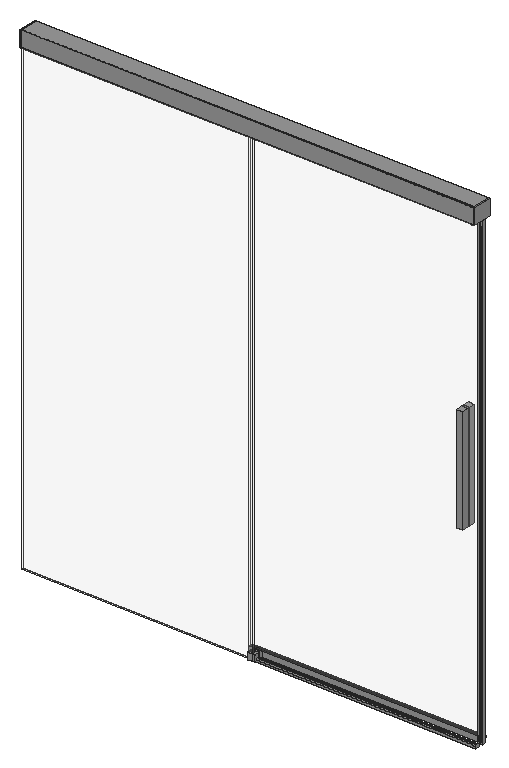
Revit family "Sanitary_Shower-screens_Duscholux_D5Custom20_Slider-door-bath", category Aparatos sanitarios, Revit 2019
Family settings
  Cota de conector redondo = Diámetro de uso
  Tipo de pieza = Normal
  Número OmniClass = 23.45.00.00
  Título OmniClass = Sanitary, Laundry, and Cleaning Equipment
  Se basa en plano de trabajo = No
  Siempre vertical = Sí
  Corte con vacíos al cargar = No
  Compartido = No
  Punto de cálculo de habitación = No
Parameters (values of type "Black Aluminium Finish")
  Uper profile guide = Anodized Aluminium_Duscholux Material-Black Finish
  URL = "http://www.duscholux.es/"
  Thickness Safety Glass Sliding = 8 mm  # constant formula
  Technical Inspection Certificate (Applus) = "http://www.duscholux.es/resources/custom/var/APPLUS_en.pdf"
  Series = "D5"
  Ref. = "UPI / UPD"
  Products = "http://www.duscholux.es/mamparas_filtro.aspx?es"
  Optional = "Towel rail / Shelf / Customizable Uper profile guide"
  Opening System Image = "https://duscholux.es/resources/custom/img/mamparas/plumas/1F1PFBC.gif"
  Opening System = "Sliding"
  Opening Percentage = 0
  Modelo = "D5 Custom20"
  Maintenance and Cleaning = "http://www.duscholux.es/mamparas_limpieza.aspx?en"
  Image = "https://duscholux.es/resources/custom/img/mamparas/D5%20CUSTOM20/modelos/1F1PFBC/mampara_h.jpg"
  Handle Material = Anodized Aluminium_Duscholux Material-Black Finish
  Glass in Building UNE EN 12150 = "CE Conformity marking"
  Glass Material = Glass_Material-Duscholux
  Frame Material = Anodized Aluminium_Duscholux Material-Black Finish
  Fact Sheet = "https://duscholux.blob.core.windows.net/pdf2022/en/Custom1F1PFB.pdf"
  Fabricante = "Duscholux Ibérica, S.A."
  Thickness Safety Glass Fixed Panel = 8 mm  # constant formula
  Environmental Management ISO 14001 = "ECOEMBES Certificate"
  Descripción = "Front 1 fixed + 1 sliding door shower"
  Configuration enclosure = "http://configuratumampara.duscholux.es/eCatalogo.aspx"
  Components = "Eropean components"
  Combinations = "Lateral 90°"
  Código de montaje = "C1030200"
  Certified Quality UNE EN 14428 = "http://www.duscholux.es/duscholux_downloads.aspx?es"
  Opening Door = (((Min Max Width / 2) - 108 mm) * Opening Percentage / 100) + 5.5 mm  # 5.5 mm
  Sliding Door Width = (Min Max Width / 2) - 7.7 mm + 14 mm  # 756.3 mm
  Min Max Width = if(Width < 1160 mm, 1160 mm, if(Width > 2000 mm, 2000 mm, Width))  # 1500 mm
  Width = 1500 mm
  Handle Height = (Max Height / 2) + Bath Height  # 1250 mm
  Max Height = if(Height > 1800 mm, 1800 mm, Height)  # 1600 mm
  Height = 1600 mm
  Bath Height = 450 mm
  Accesories Material = Anodized Aluminium_Duscholux Material-Black Finish
Types (4, lengths in mm): name | Uper profile guide | Handle Material | Frame Material | Descripción | Accesories Material
  (no name) | Anodized Aluminium_Duscholux Material-Black Finish | Anodized Aluminium_Duscholux Material-Black Finish | Anodized Aluminium_Duscholux Material-Black Finish | "Front 1 fixed + 1 sliding door shower" | Anodized Aluminium_Duscholux Material-Black Finish
  Matte Silver Aluminium Finish | Anodized Aluminium_Duscholux Material-Matte Silver Finish | Zamac_Duscholux Material-Chrome Finish | Anodized Aluminium_Duscholux Material-Matte Silver Finish | "Front 1 fixed + 1 sliding door shower." | Anodized Aluminium_Duscholux Material-Platinum Finish
  Platinum Aluminium Finish | Anodized Aluminium_Duscholux Material-Platinum Finish | Zamac_Duscholux Material-Chrome Finish | Anodized Aluminium_Duscholux Material-Platinum Finish | "Front 1 fixed + 1 sliding door shower." | Anodized Aluminium_Duscholux Material-Platinum Finish
  Black Aluminium Finish | Anodized Aluminium_Duscholux Material-Black Finish | Anodized Aluminium_Duscholux Material-Black Finish | Anodized Aluminium_Duscholux Material-Black Finish | "Front 1 fixed + 1 sliding door shower" | Anodized Aluminium_Duscholux Material-Black Finish
Reference planes
  plane 1 "Centro (Frontal/Posterior)": y = 0
  plane 2: z = 0
  plane 3 "Centro (Izquierda/Derecha)": x = -5.5
  plane 4: x = 755.5
  plane 5: z = 2050
  plane 6: x = 1491.5
  plane 7: x = -8.5
  plane 8: x = 18
  plane 9: z = 1250
  plane 10: x = 1488.5
  plane 11: x = 741.5
  plane 12: x = 727.25
  plane 13: y = 26.104
  plane 14: x = 1483.5
  plane 15: z = 0
  plane 16: x = 764.5
  plane 17: z = 1998
  plane 18: z = 2003.154
  plane 19: z = 450
  plane 20: z = 473
Forms (mm)
  Extrusion 1, solid, material "Glass_Material-Duscholux" <- "Glass Material"
    sketch origin (500, 0, 0) x (1, 0, 0) y (0, 1, 0)
      loop
        line (-508.5, 4) -> (-508.5, -4) -> (255.5, -4) -> (255.5, 4) -> (-508.5, 4)
    from 450 to 2003.154
  Extrusion 2, solid, material "Glass_Material-Duscholux" <- "Glass Material"
    sketch origin (-224.786, -5.278, 0) x (1, 0, 0) y (0, 1, 0)
      loop
        line (946.486, 35.382) -> (946.486, 27.382) -> (1702.786, 27.382) -> (1702.786, 35.382) -> (946.486, 35.382)
    from 453.247 to 1998
  Extrusion 3, solid, material "Anodized Aluminium_Duscholux Material-Black Finish" <- "Accesories Material", detail levels fine
    sketch origin (-5.5, -2.57, 593.975) x (0, 1, 0) y (0, 0, 1)
      loop
        line (-2.433, -136.396) -> (-2.433, -143.975) -> (7.636, -143.975) -> (7.636, -136.401)
        arc (7.636, -136.401) -> (6.912, -134.655) -> (5.166, -133.931) r 2.47
        line (5.166, -133.931) -> (0.032, -133.931)
        arc (0.032, -133.931) -> (-1.711, -134.653) -> (-2.433, -136.396) r 2.465
    from 770 to 1497
  Extrusion 4, solid, material "Anodized Aluminium_Duscholux Material-Black Finish" <- "Uper profile guide"
    sketch origin (-5.5, 0, 0) x (0, 1, 0) y (0, 0, 1)
      loop
        line (-9.997, 2049) -> (-9.997, 1999.124) -> (-7.5, 1999.124) -> (-7.5, 2049) -> (-9.997, 2049)
    from 0 to 1494
  Extrusion 5, solid, material "Anodized Aluminium_Duscholux Material-Black Finish" <- "Accesories Material"
    sketch origin (0, 0, 0) x (1, 0, 0) y (0, 1, 0)
      loop
        line (1491.5, 30.913) -> (1484.329, 30.405)
        arc (1484.329, 30.405) -> (1483.739, 30.119) -> (1483.5, 29.508) r 0.9
        line (1483.5, 29.508) -> (1483.5, 22.787)
        arc (1483.5, 22.787) -> (1483.739, 22.176) -> (1484.329, 21.89) r 0.9
        line (1484.329, 21.89) -> (1491.5, 21.382) -> (1491.5, 30.913)
    from 450 to 1998
  Extrusion 6, solid, material "Anodized Aluminium_Duscholux Material-Black Finish" <- "Frame Material"
    sketch origin (-5.5, 0, 0) x (0, 1, 0) y (0, 0, 1)
      loop
        line (-9.993, 2050) -> (-9.993, 2049) -> (-7.5, 2049) -> (-7.5, 1999.124) -> (-9.993, 1999.124) -> (-9.993, 1998) -> (-5.497, 1998) -> (-5.497, 2003.154) -> (5.503, 2003.154) -> (5.503, 1998) -> (21.382, 1998) -> (21.382, 2001.5) -> (7.803, 2001.5) -> (7.803, 2039.372) -> (42.403, 2039.372) -> (42.403, 2001.5) -> (33.536, 2001.5) -> (30.913, 2001.5) -> (30.913, 1998) -> (51.003, 1998) -> (51.003, 2050) -> (-9.993, 2050)
    from 0 to 1494
  Extrusion 7, solid, material "Anodized Aluminium_Duscholux Material-Black Finish" <- "Accesories Material"
    sketch origin (-5.5, 0, 0) x (0, 1, 0) y (0, 0, 1)
      loop
        line (51.003, 2050) -> (-9.993, 2050) -> (-9.993, 1998) -> (51.003, 1998) -> (51.003, 2050)
    from 1494 to 1497
  Extrusion 8, solid, material "Anodized Aluminium_Duscholux Material-Black Finish" <- "Accesories Material"
    sketch origin (-5.5, 0, 0) x (0, 1, 0) y (0, 0, 1)
      loop
        line (51.003, 2050) -> (-9.993, 2050) -> (-9.993, 1998) -> (-5.497, 1998) -> (-5.497, 2003.154) -> (5.503, 2003.154) -> (5.503, 1998) -> (51.003, 1998) -> (51.003, 2050)
    from -3 to 0
  Extrusion 9, solid, material "Anodized Aluminium_Duscholux Material-Black Finish" <- "Accesories Material"
    sketch origin (0, 0, 0) x (1, 0, 0) y (0, 1, 0)
      loop
        line (741.5, 6.547) -> (741.5, 4.098) -> (755.5, 4.098) -> (755.5, -4.002) -> (741.5, -4.002) -> (741.5, -6.452)
        arc (741.5, -6.452) -> (741.646, -6.806) -> (742, -6.952) r 0.5
        line (742, -6.952) -> (764, -6.952)
        arc (764, -6.952) -> (764.353, -6.806) -> (764.5, -6.452) r 0.5
        line (764.5, -6.452) -> (764.5, 6.548)
        arc (764.5, 6.548) -> (764.354, 6.901) -> (764, 7.047) r 0.5
        line (764, 7.047) -> (742, 7.047)
        arc (742, 7.047) -> (741.646, 6.901) -> (741.5, 6.547) r 0.5
    from 450 to 473
  Extrusion 10, solid, material "Anodized Aluminium_Duscholux Material-Black Finish" <- "Accesories Material"
    sketch origin (50, 0, 0) x (1, 0, 0) y (0, 1, 0)
      loop
        line (692.5, 8.348) -> (692.5, 7.047) -> (713.5, 7.047) -> (713.5, 8.348) -> (692.5, 8.348)
    from 450 to 468.641
  Extrusion 11, solid, material "Anodized Aluminium_Duscholux Material-Black Finish" <- "Accesories Material"
    sketch origin (147.305, 0, 0) x (1, 0, 0) y (0, 1, 0)
      loop
        line (1328.243, 30.104) -> (1330.695, 30.104) -> (1330.695, 22.104) -> (1328.243, 22.104) -> (1328.243, 21.295) -> (1335.417, 21.89)
        arc (1335.417, 21.89) -> (1336.005, 22.178) -> (1336.243, 22.787) r 0.9
        line (1336.243, 22.787) -> (1336.243, 29.508)
        arc (1336.243, 29.508) -> (1336.004, 30.119) -> (1335.413, 30.405) r 0.9
        line (1335.413, 30.405) -> (1328.243, 30.913) -> (1328.243, 30.104)
    from 450 to 1998
  Extrusion 12, solid, material "Anodized Aluminium_Duscholux Material-Black Finish" <- "Accesories Material"
    sketch origin (-5.5, 0, 0) x (0, 1, 0) y (0, 0, 1)
      loop
        arc (20.53, 467.613) -> (19.805, 468.338) -> (19.08, 467.613) r 0.725
        line (19.08, 467.613) -> (19.08, 452.081)
        arc (19.08, 452.081) -> (18.234, 450.59) -> (16.624, 450) r 2.49
        line (16.624, 450) -> (31.156, 450) -> (31.156, 451.937) -> (21.141, 451.937) -> (20.53, 453.247) -> (20.53, 467.613)
    from 748 to 769
  Extrusion 13, solid, material "Plástico, transparente", detail levels fine
    sketch origin (-5.5, 0, 0) x (0, 1, 0) y (0, 0, 1)
      loop
        line (53.604, 457.939) -> (30.613, 469.957)
        arc (30.613, 469.957) -> (30.042, 469.902) -> (29.86, 469.358) r 0.526
        line (29.86, 469.358) -> (30.104, 468.42) -> (30.104, 453.247) -> (22.104, 453.247) -> (22.104, 469.859) -> (21.222, 469.757) -> (21.222, 451.937) -> (31.156, 451.937) -> (31.156, 465.691)
        arc (31.156, 465.691) -> (31.449, 466.325) -> (32.121, 466.515) r 0.834
        line (32.121, 466.515) -> (52.104, 456.92) -> (52.104, 451.207)
        arc (52.104, 451.207) -> (52.809, 450.774) -> (53.604, 451.006) r 1.02
        line (53.604, 451.006) -> (53.604, 457.939)
    from 727.2 to 1483.5
  Extrusion 14, solid, material "Anodized Aluminium_Duscholux Material-Black Finish" <- "Accesories Material"
    sketch origin (-5.5, 0, 0) x (0, 1, 0) y (0, 0, 1)
      loop
        arc (16.624, 450) -> (18.234, 450.59) -> (19.08, 452.081) r 2.49
        line (19.08, 452.081) -> (19.08, 469.894)
        arc (19.08, 469.894) -> (18.234, 471.385) -> (16.624, 471.975) r 2.49
        line (16.624, 471.975) -> (8.348, 471.975) -> (8.348, 450) -> (16.624, 450)
    from 747 to 770
Cuts and joins
  joined: Extrusion 9, Extrusion 10
Lines and regions (mm)
  reference lines
    curve 1: line (-5.5, -2.4, 593.975) -> (-5.5, -2.4, 603.975)
Dimensions and locks
  "Width": plane 7 to plane 6
  locked: plane 7 to plane 3 "Centro (Izquierda/Derecha)" at 3
  "Handle Height": plane 9 to level
  level to Extrusion 3 = 460.043 mm
  locked: plane 10 to plane 6 at 3
  equal spacing: plane 7, plane 11, plane 6
  locked: plane 11 to plane 4 at 14
  locked: plane 12 to plane 11 at 14.25
  locked: plane 14 to plane 10 at 5
  locked: nested 2 to Extrusion 2 at 45
  Extrusion 9 to Extrusion 2 = 19.753 mm
  locked: plane 11 to plane 16 at 23
  "Sliding Door Width": Extrusion 2 to Extrusion 2
  "Opening Door": Extrusion 2 to plane 14
  locked: plane 5 to plane 17 at 52
  locked: plane 5 to plane 18 at 46.846
  locked: plane 20 to plane 19 at 23
  locked: plane 20 to cut or joined group of Extrusion 9, Extrusion 10 at 4.359
  locked: Extrusion 12 to plane 16 at 1
  locked: plane 11 to Extrusion 12 at 1
  locked: plane 19 to Extrusion 2 at 3.247
  "Bath Height": plane 19 to level
  locked: Extrusion 14 to Extrusion 14 at 21.975
  "Max Height": plane 5 to plane 19
  aligned and locked: level to plane 2
  aligned and locked: Extrusion 4 to plane 3 "Centro (Izquierda/Derecha)"
  aligned and locked: plane 10 to Extrusion 4
  aligned and locked: plane 10 to Extrusion 6
  aligned and locked: Extrusion 4 to Extrusion 6
  aligned and locked: plane 6 to Extrusion 7
  aligned and locked: Extrusion 7 to plane 10
  aligned and locked: plane 9 to nested 2
  aligned and locked: plane 9 to nested 1
  aligned and locked: Extrusion 8 to plane 7
  aligned and locked: plane 3 "Centro (Izquierda/Derecha)" to Extrusion 8
  aligned and locked: Extrusion 3 to plane 16
  aligned and locked: Extrusion 5 to Extrusion 6
  aligned and locked: Extrusion 6 to plane 17
  aligned and locked: plane 18 to Extrusion 1
  aligned and locked: plane 17 to Extrusion 2
  aligned and locked: plane 6 to Extrusion 3
  aligned and locked: Extrusion 11 to Extrusion 2
  aligned and locked: Extrusion 11 to Extrusion 6
  aligned and locked: Extrusion 9 to plane 19
  aligned and locked: Extrusion 1 to plane 19
  aligned and locked: plane 20 to cut or joined group of Extrusion 9, Extrusion 10
  aligned and locked: Extrusion 3 to plane 19
  aligned and locked: Extrusion 2 to Extrusion 13
  aligned and locked: Extrusion 13 to Extrusion 2
  aligned and locked: cut or joined group of Extrusion 9, Extrusion 10 to plane 19
  aligned and locked: Extrusion 14 to plane 19
  aligned and locked: Extrusion 14 to plane 11
  aligned and locked: plane 16 to Extrusion 14
  aligned and locked: Extrusion 11 to plane 19
  aligned and locked: Extrusion 5 to plane 19
  aligned and locked: Extrusion 13 to Extrusion 11
Automatic sketch dimensions
  Extrusion 1 sketch curve to plane 7 = 0 mm
  Extrusion 1 sketch curve to plane 4 = 0 mm
  plane 1 "Centro (Frontal/Posterior)" to Extrusion 1 sketch curve = 4 mm
  Extrusion 1 sketch curve to plane 1 "Centro (Frontal/Posterior)" = 4 mm
  Extrusion 2 sketch curve to plane 13 = 4 mm
  Extrusion 2 sketch curve to plane 12 = 5.55 mm
  Extrusion 2 sketch curve to plane 14 = 5.5 mm
  plane 13 to Extrusion 2 sketch curve = 4 mm
  level to curve 1 = 593.975 mm
  plane 1 "Centro (Frontal/Posterior)" to curve 1 = 2.4 mm
  curve 1 to curve 1 = 10 mm
  level to Extrusion 3 sketch curve = 450 mm
  plane 1 "Centro (Frontal/Posterior)" to Extrusion 3 sketch curve = 5.003 mm
  Extrusion 3 sketch curve to Extrusion 3 sketch curve = 2.465 mm
  Extrusion 3 sketch curve to plane 1 "Centro (Frontal/Posterior)" = 2.596 mm
  Extrusion 3 sketch curve to plane 1 "Centro (Frontal/Posterior)" = 5.066 mm
  Extrusion 3 sketch curve to Extrusion 3 sketch curve = 7.574 mm
  plane 17 to Extrusion 4 sketch curve = 1.124 mm
  plane 1 "Centro (Frontal/Posterior)" to Extrusion 4 sketch curve = 9.997 mm
  Extrusion 4 sketch curve to Extrusion 4 sketch curve = 2.497 mm
  Extrusion 4 sketch curve to plane 5 = 1 mm
  Extrusion 5 sketch curve to plane 14 = 0 mm
  Extrusion 5 sketch curve to plane 6 = 0 mm
  plane 14 to Extrusion 5 sketch curve = 0.829 mm  (x2)
  Extrusion 5 sketch curve to Extrusion 5 sketch curve = 0.9 mm
  Extrusion 5 sketch curve to Extrusion 5 sketch curve = 0.071 mm
  Extrusion 5 sketch curve to plane 13 = 4.721 mm
  Extrusion 5 sketch curve to plane 13 = 4.214 mm
  plane 13 to Extrusion 5 sketch curve = 3.404 mm
  plane 13 to Extrusion 5 sketch curve = 4.809 mm
  Extrusion 6 sketch curve to plane 5 = 0 mm
  Extrusion 6 sketch curve to plane 17 = 0 mm  (x3)
  Extrusion 6 sketch curve to plane 18 = 0 mm
  plane 1 "Centro (Frontal/Posterior)" to Extrusion 6 sketch curve = 9.993 mm  (x2)
  plane 17 to Extrusion 6 sketch curve = 1.124 mm
  Extrusion 6 sketch curve to plane 5 = 1 mm
  Extrusion 6 sketch curve to Extrusion 6 sketch curve = 2.493 mm
  Extrusion 6 sketch curve to Extrusion 6 sketch curve = 2.003 mm
  Extrusion 6 sketch curve to plane 1 "Centro (Frontal/Posterior)" = 5.503 mm
  Extrusion 6 sketch curve to plane 1 "Centro (Frontal/Posterior)" = 7.803 mm
  Extrusion 6 sketch curve to plane 13 = 4.721 mm
  Extrusion 6 sketch curve to plane 18 = 1.654 mm  (x2)
  plane 13 to Extrusion 6 sketch curve = 4.809 mm
  Extrusion 6 sketch curve to Extrusion 6 sketch curve = 2.623 mm
  plane 13 to Extrusion 6 sketch curve = 16.3 mm
  Extrusion 6 sketch curve to Extrusion 6 sketch curve = 8.6 mm
  Extrusion 6 sketch curve to plane 5 = 10.628 mm
  Extrusion 7 sketch curve to plane 5 = 0 mm
  Extrusion 7 sketch curve to plane 17 = 0 mm
  plane 1 "Centro (Frontal/Posterior)" to Extrusion 7 sketch curve = 9.993 mm
  plane 13 to Extrusion 7 sketch curve = 24.9 mm
  Extrusion 8 sketch curve to plane 5 = 0 mm
  Extrusion 8 sketch curve to plane 17 = 0 mm  (x2)
  Extrusion 8 sketch curve to plane 18 = 0 mm
  plane 1 "Centro (Frontal/Posterior)" to Extrusion 8 sketch curve = 9.993 mm
  plane 1 "Centro (Frontal/Posterior)" to Extrusion 8 sketch curve = 5.497 mm
  Extrusion 8 sketch curve to plane 1 "Centro (Frontal/Posterior)" = 5.503 mm
  plane 13 to Extrusion 8 sketch curve = 24.9 mm
  Extrusion 9 sketch curve to plane 4 = 0 mm
  Extrusion 9 sketch curve to plane 16 = 0 mm
  plane 11 to Extrusion 9 sketch curve = 0.5 mm  (x2)
  plane 11 to Extrusion 9 sketch curve = 0 mm
  Extrusion 9 sketch curve to plane 11 = 0 mm
  Extrusion 9 sketch curve to plane 16 = 0.5 mm  (x2)
  plane 1 "Centro (Frontal/Posterior)" to Extrusion 9 sketch curve = 6.952 mm
  Extrusion 9 sketch curve to Extrusion 9 sketch curve = 2.45 mm
  Extrusion 9 sketch curve to plane 1 "Centro (Frontal/Posterior)" = 4.098 mm
  Extrusion 9 sketch curve to Extrusion 9 sketch curve = 2.449 mm
  plane 11 to Extrusion 10 sketch curve = 1 mm
  Extrusion 10 sketch curve to plane 16 = 1 mm
  Extrusion 10 sketch curve to plane 1 "Centro (Frontal/Posterior)" = 7.047 mm
  Extrusion 10 sketch curve to Extrusion 10 sketch curve = 1.3 mm
  plane 13 to Extrusion 11 sketch curve = 4 mm
  Extrusion 11 sketch curve to plane 14 = 7.952 mm
  Extrusion 11 sketch curve to Extrusion 11 sketch curve = 0 mm
  Extrusion 11 sketch curve to Extrusion 11 sketch curve = 2.452 mm
  Extrusion 11 sketch curve to Extrusion 11 sketch curve = 4.648 mm  (x2)
  plane 13 to Extrusion 11 sketch curve = 4.302 mm
  Extrusion 11 sketch curve to Extrusion 11 sketch curve = 0.071 mm
  Extrusion 11 sketch curve to plane 13 = 4.213 mm
  Extrusion 11 sketch curve to Extrusion 11 sketch curve = 0.074 mm
  Extrusion 11 sketch curve to Extrusion 11 sketch curve = 0.9 mm
  Extrusion 11 sketch curve to plane 13 = 4.809 mm
  Extrusion 11 sketch curve to Extrusion 11 sketch curve = 0.809 mm  (x2)
  Extrusion 12 sketch curve to plane 19 = 0 mm
  plane 19 to Extrusion 12 sketch curve = 2.49 mm
  Extrusion 12 sketch curve to plane 13 = 9.479 mm
  plane 19 to Extrusion 12 sketch curve = 2.081 mm
  Extrusion 12 sketch curve to Extrusion 12 sketch curve = 0.725 mm
  plane 19 to Extrusion 12 sketch curve = 1.937 mm
  Extrusion 12 sketch curve to Extrusion 12 sketch curve = 0.611 mm
  plane 13 to Extrusion 12 sketch curve = 5.053 mm
  Extrusion 12 sketch curve to Extrusion 12 sketch curve = 1.31 mm
  Extrusion 12 sketch curve to plane 20 = 5.387 mm
  Extrusion 13 sketch curve to Extrusion 13 sketch curve = 0.882 mm
  Extrusion 13 sketch curve to Extrusion 13 sketch curve = 1.053 mm
  Extrusion 13 sketch curve to Extrusion 13 sketch curve = 0.266 mm
  plane 19 to Extrusion 13 sketch curve = 1.937 mm
  Extrusion 13 sketch curve to Extrusion 13 sketch curve = 1.31 mm
  Extrusion 13 sketch curve to Extrusion 13 sketch curve = 0.466 mm
  Extrusion 13 sketch curve to Extrusion 13 sketch curve = 0.509 mm
  Extrusion 13 sketch curve to Extrusion 13 sketch curve = 0.938 mm
  Extrusion 13 sketch curve to plane 13 = 4.882 mm
  plane 13 to Extrusion 13 sketch curve = 3.756 mm
  Extrusion 13 sketch curve to plane 20 = 3.043 mm
  Extrusion 13 sketch curve to Extrusion 13 sketch curve = 0.244 mm
  Extrusion 13 sketch curve to Extrusion 13 sketch curve = 0.834 mm
  Extrusion 13 sketch curve to Extrusion 13 sketch curve = 0.131 mm
  plane 19 to Extrusion 13 sketch curve = 6.92 mm
  Extrusion 13 sketch curve to Extrusion 13 sketch curve = 20.947 mm
  Extrusion 13 sketch curve to Extrusion 13 sketch curve = 0.841 mm
  Extrusion 13 sketch curve to Extrusion 13 sketch curve = 1.5 mm
  plane 19 to Extrusion 13 sketch curve = 1.785 mm
  Extrusion 13 sketch curve to Extrusion 13 sketch curve = 0.578 mm
  Extrusion 13 sketch curve to Extrusion 13 sketch curve = 1.019 mm
  Extrusion 13 sketch curve to Extrusion 13 sketch curve = 2.73 mm
  Extrusion 13 sketch curve to plane 20 = 3.243 mm
  Extrusion 13 sketch curve to Extrusion 13 sketch curve = 0.103 mm
  Extrusion 14 sketch curve to plane 19 = 0 mm
  Extrusion 14 sketch curve to plane 1 "Centro (Frontal/Posterior)" = 8.348 mm
  plane 19 to Extrusion 14 sketch curve = 2.49 mm
  Extrusion 14 sketch curve to Extrusion 14 sketch curve = 8.277 mm
  Extrusion 14 sketch curve to plane 20 = 3.515 mm
  plane 19 to Extrusion 14 sketch curve = 2.081 mm
  Extrusion 14 sketch curve to Extrusion 14 sketch curve = 0.409 mm
  Extrusion 14 sketch curve to plane 20 = 1.025 mm
Nested families
  nested 1: "Handle-ext-D5" at (1433, 22.104, 1250) x (-1, 0, 0) z (0, -1, 0), type "Handle-ext-D5", detail levels medium+fine
  nested 2: "Handle-int-D5" at (1433, 30.104, 1250) x (1, 0, 0) z (0, 1, 0), type "Handle-int-D5", detail levels medium+fine
Definition of nested family "Handle-ext-D5"
  Parameters (values of type "Handle-ext-D5")
    Long. tirador = 350 mm
    Handle Material = none
    Espesor = 19 mm
    Default Elevation = 1219.2 mm
  Reference planes
    plane 1 "Centro (Frontal/Posterior)": y = 0
    plane 2: z = 0
    plane 3 "Centro (Izquierda/Derecha)": x = 0
    plane 4: y = 175
    plane 5: y = -175
    plane 6: x = -9.5
    plane 7: x = 9.5
    plane 8: z = 0
    plane 9: z = 21
  Forms (mm)
    Extrusion 1, solid
      sketch origin (0, 0, 0) x (1, 0, 0) y (0, 1, 0)
        loop
          line (-1219.2, 1219.2) -> (-1219.2, -1219.2) -> (1219.2, -1219.2) -> (1219.2, 1219.2) -> (-1219.2, 1219.2)
      from 0 to -304.8
    Extrusion 2, solid, material <- "Handle Material"
      sketch origin (0, 0, 0) x (1, 0, 0) y (0, 0, 1)
        loop
          line (-9.5, 21) -> (-9.5, 0) -> (9.5, 0) -> (9.5, 21) -> (-9.5, 21)
      from -175 to 175
  Dimensions and locks
    equal spacing: plane 4, plane 1 "Centro (Frontal/Posterior)", plane 5
    equal spacing: plane 6, plane 3 "Centro (Izquierda/Derecha)", plane 7
    "Espesor": plane 6 to plane 7
    "Long. tirador": plane 4 to plane 5
    locked: plane 9 to Extrusion 1 at 21
    aligned and locked: plane 2 to Extrusion 1
    aligned and locked: level to Extrusion 1
    aligned and locked: plane 9 to Extrusion 2
    aligned and locked: plane 7 to Extrusion 2
    aligned and locked: Extrusion 2 to plane 6
    aligned and locked: Extrusion 2 to Extrusion 1
    aligned and locked: plane 4 to Extrusion 2
    aligned and locked: Extrusion 2 to plane 5
  Automatic sketch dimensions
    Extrusion 1 sketch curve to Extrusion 1 sketch curve = 2438.4 mm  (x2)
    Extrusion 2 sketch curve to plane 6 = 0 mm
    Extrusion 2 sketch curve to level = 0 mm
    Extrusion 2 sketch curve to plane 7 = 0 mm
    Extrusion 2 sketch curve to plane 9 = 0 mm
Definition of nested family "Handle-int-D5"
  Parameters (values of type "Handle-int-D5")
    Long. tirador = 350 mm
    Handle Material = none
    Espesor = 19 mm
    Default Elevation = 1219.2 mm
  Reference planes
    plane 1 "Centro (Frontal/Posterior)": y = 0
    plane 2: z = 0
    plane 3 "Centro (Izquierda/Derecha)": x = 0
    plane 4: y = 175
    plane 5: y = -175
    plane 6: x = -9.5
    plane 7: x = 9.5
    plane 8: z = 0
    plane 9: z = 19
  Forms (mm)
    Extrusion 1, solid
      sketch origin (0, 0, 0) x (1, 0, 0) y (0, 1, 0)
        loop
          line (-1219.2, 1219.2) -> (-1219.2, -1219.2) -> (1219.2, -1219.2) -> (1219.2, 1219.2) -> (-1219.2, 1219.2)
      from 0 to -304.8
    Extrusion 2, solid, material <- "Handle Material"
      sketch origin (0, 0, 0) x (1, 0, 0) y (0, 0, 1)
        loop
          line (-9.5, 19) -> (-9.5, 0) -> (9.5, 0) -> (9.5, 19) -> (-9.5, 19)
      from -175 to 175
  Dimensions and locks
    equal spacing: plane 4, plane 1 "Centro (Frontal/Posterior)", plane 5
    equal spacing: plane 6, plane 3 "Centro (Izquierda/Derecha)", plane 7
    "Espesor": plane 6 to plane 7
    "Long. tirador": plane 4 to plane 5
    locked: plane 9 to Extrusion 1 at 19
    aligned and locked: plane 2 to Extrusion 1
    aligned and locked: level to Extrusion 1
    aligned and locked: plane 9 to Extrusion 2
    aligned and locked: plane 7 to Extrusion 2
    aligned and locked: Extrusion 2 to plane 6
    aligned and locked: Extrusion 2 to Extrusion 1
    aligned and locked: plane 4 to Extrusion 2
    aligned and locked: Extrusion 2 to plane 5
  Automatic sketch dimensions
    Extrusion 1 sketch curve to Extrusion 1 sketch curve = 2438.4 mm  (x2)
    Extrusion 2 sketch curve to plane 6 = 0 mm
    Extrusion 2 sketch curve to level = 0 mm
    Extrusion 2 sketch curve to plane 7 = 0 mm
    Extrusion 2 sketch curve to plane 9 = 0 mm
